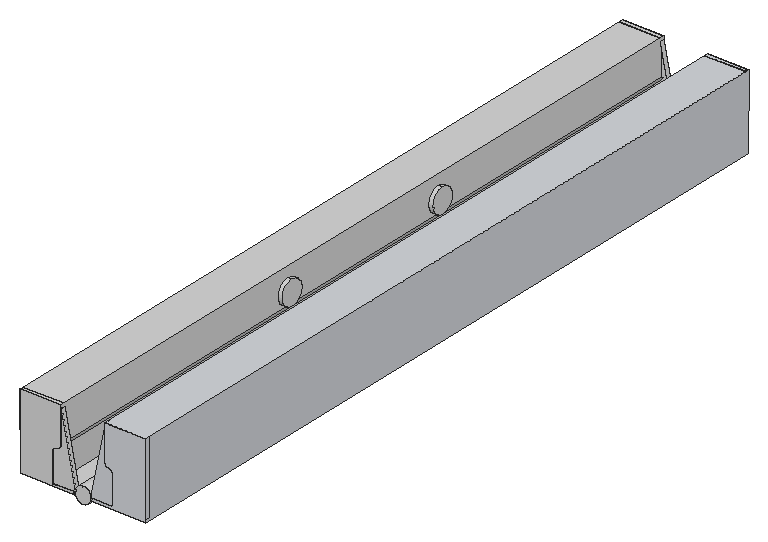
Revit family "ORMA_ORMA HINGED OUTSIDE CORNER 1,2_1900194", category Generic Models, Revit 2018
Family settings
  Can host rebar = No
  Round Connector Dimension = Use Diameter
  Part Type = Normal
  OmniClass Number = 35.51.14.00
  OmniClass Title = FORMWORK
  Work Plane-Based = Yes
  Always vertical = No
  Cut with Voids When Loaded = No
  Shared = Yes
  Room Calculation Point = No
Parameters
  VERSION = "20190101"  # constant formula
  URL = "www.ulmaconstruction.com/en"
  UNICLASS = ""
  REAL ANGLE [instance] = if(ANGLE < 65.00°, 65.00°, if(ANGLE < 180.00°, ANGLE, 180.00°))  # 180.00°
  ITEM_CODE = "1900194"
  Manufacturer = "ULMA CONSTRUCTION"  # constant formula
  INSERTION PLANE [instance] = if(REAL ANGLE = 180.00°, 0.000 mm, (4.000 mm) / cos(90.00° - REAL ANGLE) + 4.000 mm * tan(90.00° - REAL ANGLE))  # 0.000 mm
  FILTER [instance] = ""
  Default Elevation = 0.000 mm
  CLASSIFICATION_TITLE = ""
  CLASSIFICATION_NUMBER = ""
  ANGLE [instance] = 180.00°
Reference planes
  plane 1 "Centro (Frontal/Posterior)": y = 0
  plane 2: z = 0
  plane 3 "Centro (Izquierda/Derecha)": x = 0
  plane 4 "ITEM_HEIGHT": y = 1200
  plane 5 "CENTER": z = 4
  plane 6 "INSERTION PLANE": x = 0
  plane 7 "LATERAL HOLE 1": y = 450
  plane 8 "LATERAL HOLE 2": y = 750
Forms (mm)
  Extrusion 1, solid, material "ULMA ZINC"
    sketch origin (0, 0, 0) x (1, 0, 0) y (0, 0, 1)
      loop
        line (-100, 0) -> (-12.6, 0) -> (-16.6, 4) -> (-47.5, 4) -> (-47.5, 52.039)
        arc (-47.5, 52.039) -> (-47.085, 53.419) -> (-45.977, 54.341) r 2.5
        line (-45.977, 54.341) -> (-38.656, 57.448)
        arc (-38.656, 57.448) -> (-35.997, 59.66) -> (-35, 62.971) r 6
        line (-35, 62.971) -> (-35, 120) -> (-100, 120) -> (-100, 0)
    from -1200 to 0
  Extrusion 2, solid, material "ULMA ZINC"
    sketch origin (0, 0, 0) x (1, 0, 0) y (0, 0, 1)
      loop
        circle (0, 4) r 12.5
    from -1200 to 0
  Extrusion 3, solid, material "ULMA ZINC", detail levels fine
    sketch origin (0, 0, 0) x (1, 0, 0) y (0, 0, 1)
      loop
        line (-12, 4) -> (-35.795, 120) -> (-100, 120) -> (-100, 4) -> (-12, 4)
    from 0 to -6
  Extrusion 4, solid, material "ULMA ZINC", detail levels fine
    sketch origin (0, 1200, 0) x (-1, 0, 0) y (0, 0, 1)
      loop
        line (12, 4) -> (100, 4) -> (100, 120) -> (35.795, 120) -> (12, 4)
    from 0 to -6
  Extrusion 5, solid, material "ULMA ZINC", detail levels fine
    sketch origin (-35, 0, 62.971) x (0, 0, 1) y (0, -1, 0)
      loop
        circle (23.029, -450) r 19
    from 0 to 8
  Extrusion 6, solid, material "ULMA ZINC", detail levels fine
    sketch origin (-35, 300, 62.971) x (0, 0, 1) y (0, -1, 0)
      loop
        circle (23.029, -450) r 19
    from 0 to 8
Lines and regions (mm)
  reference lines
    curve 1: line (0, 0, 4) -> (209.588, 0, 4)
  model lines, style "ULMA PANELS", detail levels fine
    curve 2: circle (-27, 450, 86) r 11 normal (1, 0, 0)
    curve 3: circle (-100, 450, 86) r 11 normal (1, 0, 0)
    curve 4: circle (-27, 750, 86) r 11 normal (1, 0, 0)
    curve 5: circle (-100, 750, 86) r 11 normal (1, 0, 0)
Dimensions and locks
  locked: plane 1 "Centro (Frontal/Posterior)" to plane 4 "ITEM_HEIGHT" at 1200
  locked: plane 5 "CENTER" to plane 2 at 4
  "INSERTION PLANE": plane 3 "Centro (Izquierda/Derecha)" to plane 6 "INSERTION PLANE"
  "REAL ANGLE": angle plane 5 "CENTER" to curve 1
  aligned and locked: level to plane 2
  aligned and locked: plane 4 "ITEM_HEIGHT" to Extrusion 2
  aligned and locked: plane 3 "Centro (Izquierda/Derecha)" to curve 1
  aligned and locked: plane 5 "CENTER" to curve 1
  aligned and locked: plane 4 "ITEM_HEIGHT" to Extrusion 1
Automatic sketch dimensions
  Extrusion 2 sketch curve to plane 3 "Centro (Izquierda/Derecha)" = 0.000 mm
  level to Extrusion 2 sketch curve = 4.000 mm
  Extrusion 1 sketch curve to plane 3 "Centro (Izquierda/Derecha)" = 45.977 mm
  Extrusion 1 sketch curve to Extrusion 1 sketch curve = 0.977 mm
  plane 5 "CENTER" to Extrusion 1 sketch curve = 48.039 mm
  Extrusion 1 sketch curve to Extrusion 1 sketch curve = 2.301 mm
  Extrusion 1 sketch curve to Extrusion 1 sketch curve = 7.321 mm
  Extrusion 1 sketch curve to Extrusion 1 sketch curve = 3.108 mm
  Extrusion 1 sketch curve to Extrusion 1 sketch curve = 2.344 mm
  Extrusion 1 sketch curve to Extrusion 1 sketch curve = 5.523 mm
  Extrusion 1 sketch curve to Extrusion 1 sketch curve = 57.029 mm
  Extrusion 3 sketch curve to plane 5 "CENTER" = 0.000 mm
  Extrusion 3 sketch curve to plane 3 "Centro (Izquierda/Derecha)" = 35.795 mm
  plane 5 "CENTER" to Extrusion 3 sketch curve = 116.000 mm
  Extrusion 3 sketch curve to Extrusion 3 sketch curve = 64.205 mm
  Extrusion 3 sketch curve to plane 3 "Centro (Izquierda/Derecha)" = 12.000 mm
  Extrusion 4 sketch curve to plane 5 "CENTER" = 0.000 mm
  Extrusion 4 sketch curve to plane 3 "Centro (Izquierda/Derecha)" = 12.000 mm
  Extrusion 4 sketch curve to plane 3 "Centro (Izquierda/Derecha)" = 35.795 mm
  Extrusion 4 sketch curve to Extrusion 4 sketch curve = 64.205 mm
  plane 5 "CENTER" to Extrusion 4 sketch curve = 116.000 mm
  Extrusion 1 sketch curve to level = 0.000 mm
  Extrusion 1 sketch curve to plane 3 "Centro (Izquierda/Derecha)" = 12.600 mm
  Extrusion 1 sketch curve to Extrusion 1 sketch curve = 4.000 mm
  Extrusion 1 sketch curve to Extrusion 1 sketch curve = 52.500 mm
  Extrusion 1 sketch curve to plane 5 "CENTER" = 0.000 mm
  Extrusion 6 sketch curve to plane 8 "LATERAL HOLE 2" = 0.000 mm
  plane 5 "CENTER" to Extrusion 6 sketch curve = 82.000 mm
  curve 5 to plane 8 "LATERAL HOLE 2" = 0.000 mm
  plane 5 "CENTER" to curve 5 = 82.000 mm
  Extrusion 5 sketch curve to plane 7 "LATERAL HOLE 1" = 0.000 mm
  plane 5 "CENTER" to Extrusion 5 sketch curve = 82.000 mm
  curve 3 to plane 7 "LATERAL HOLE 1" = 0.000 mm
  plane 5 "CENTER" to curve 3 = 82.000 mm
  radius of Extrusion 2 sketch curve = 12.500 mm
  radius of Extrusion 5 sketch curve = 19.000 mm
  radius of curve 2 to Extrusion 5 = 8.000 mm  (x2)
  radius of curve 3 = 11.000 mm  (x2)
  radius of Extrusion 6 sketch curve = 19.000 mm
  radius of curve 4 to Extrusion 6 = 8.000 mm  (x2)
  radius of curve 5 = 11.000 mm  (x2)
Nested families
  nested 1: "LATERAL ESCUADRA EXT G - 1908359_PANELS" at (0, 0, 0) x (-1, 0, 0) z (0, 0, 1), type "LATERAL ESCUADRA EXT G - 1908359_PANELS"
    with FILTER ""
Definition of nested family "LATERAL ESCUADRA EXT G - 1908359_PANELS"
  Parameters (values of type "LATERAL ESCUADRA EXT G - 1908359_PANELS")
    VERSION = "20190101"  # constant formula
    URL = "www.ulmaconstruction.com/en"
    UNICLASS = ""
    Manufacturer = "ULMA CONSTRUCTION"  # constant formula
    FILTER [instance] = ""
    Default Elevation = 0.000 mm
    CLASSIFICATION_TITLE = ""
    CLASSIFICATION_NUMBER = ""
  Reference planes
    plane 1 "Centro (Frontal/Posterior)": y = 0
    plane 2: z = 0
    plane 3 "Centro (Izquierda/Derecha)": x = 0
    plane 4 "ITEM_HEIGHT": y = 1200
    plane 5 "CENTER": z = 4
    plane 6 "LATERAL HOLE 1": y = 450
    plane 7 "LATERAL HOLE 2": y = 750
  Forms (mm)
    Extrusion 1, solid
      sketch origin (0, 0, 0) x (1, 0, 0) y (0, 0, 1)
        loop
          line (-100, 0) -> (-12.6, 0) -> (-16.6, 4) -> (-47.5, 4) -> (-47.5, 52.039)
          arc (-47.5, 52.039) -> (-47.085, 53.419) -> (-45.977, 54.341) r 2.5
          line (-45.977, 54.341) -> (-38.656, 57.448)
          arc (-38.656, 57.448) -> (-35.997, 59.66) -> (-35, 62.971) r 6
          line (-35, 62.971) -> (-35, 120) -> (-100, 120) -> (-100, 0)
      from -1200 to 0
    Extrusion 2, solid, detail levels fine
      sketch origin (0, 0, 0) x (1, 0, 0) y (0, 0, 1)
        loop
          line (-12, 4) -> (-35.795, 120) -> (-100, 120) -> (-100, 4) -> (-12, 4)
      from 0 to -6
    Extrusion 3, solid, detail levels fine
      sketch origin (0, 1200, 0) x (-1, 0, 0) y (0, 0, 1)
        loop
          line (12, 4) -> (100, 4) -> (100, 120) -> (35.795, 120) -> (12, 4)
      from 0 to -6
    Extrusion 4, solid, detail levels fine
      sketch origin (-35, 0, 62.971) x (0, 0, 1) y (0, -1, 0)
        loop
          circle (23.029, -450) r 19
      from 0 to 8
    Extrusion 5, solid, detail levels fine
      sketch origin (-35, 300, 62.971) x (0, 0, 1) y (0, -1, 0)
        loop
          circle (23.029, -450) r 19
      from 0 to 8
  Lines and regions (mm)
    model lines, detail levels fine
      curve 1: circle (-27, 450, 86) r 11 normal (1, 0, 0)
      curve 2: circle (-100, 450, 86) r 11 normal (1, 0, 0)
      curve 3: circle (-27, 750, 86) r 11 normal (1, 0, 0)
      curve 4: circle (-100, 750, 86) r 11 normal (1, 0, 0)
  Dimensions and locks
    locked: plane 1 "Centro (Frontal/Posterior)" to plane 4 "ITEM_HEIGHT" at 1200
    locked: plane 5 "CENTER" to plane 2 at 4
    aligned and locked: level to plane 2
    aligned and locked: plane 4 "ITEM_HEIGHT" to Extrusion 1
